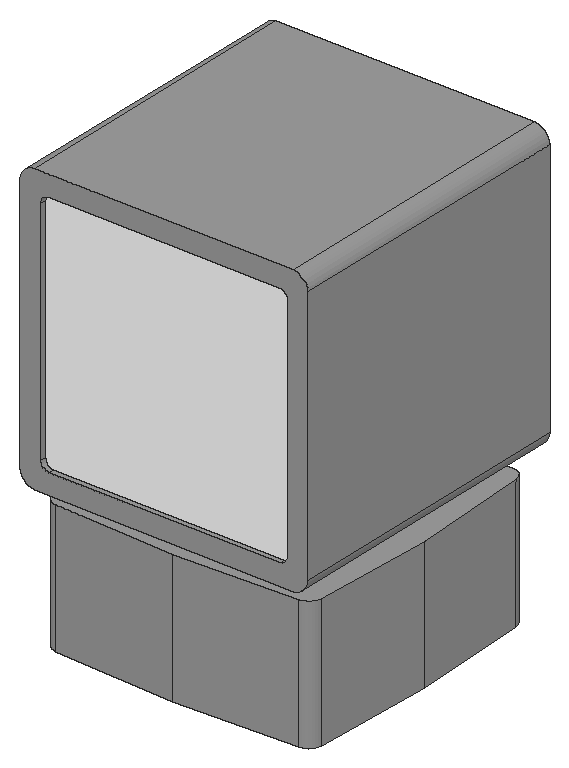
Revit family "3080029 Feilo Sylvania Lighting Fixtures INVERTO DIRECT NW 1-10V BLACK", category Lighting Fixtures, host Face, Revit 2017
Family settings
  Host = Face
  Round Connector Dimension = Use Diameter
  Part Type = Normal
  Cut with Voids When Loaded = No
  Light Source = Yes
  Shared = No
  Room Calculation Point = No
Parameters (values of type "3080029 INVERTO DIRECT NW 1-10V BLACK")
  Weight = "1.461 kg"
  Wattage Comments = "n/a"
  Wattage = 16 W
  WarrantyStartDate [instance] = "n/a"
  WarrantyGuarantorParts = "n/a"
  WarrantyDurationUnit = "n/a"
  WarrantyDurationParts = "n/a"
  WarrantyDescription = "n/a"
  built-in parameter 1150110 = 1 (stored number, unit not read)
  Voltage = 230 V
  URL = "http://www.sylvania-lighting.com"
  TypeName = "INVERTO DIRECT NW 1-10V BLACK"
  Type Image = <None>
  Type Comments = "n/a"
  built-in parameter 1114217 = 1 (stored number, unit not read)
  Tilt Angle = -90.00°
  built-in parameter 1150109 = 1 (stored number, unit not read)
  built-in parameter 1150134 = 12
  built-in parameter 1150113 = 1 (stored number, unit not read)
  SerialNumber [instance] = "n/a"
  PowerFactor = 0
  PowerConsumption = "16 W"
  Photometric Web File = "3080029.ies"
  NominalLength = 162 mm
  NominalHeight = 110 mm
  NominalDepth = 110 mm
  Name = "INVERTO DIRECT NW 1-10V BLACK"
  ModelReference = "INVERTO DIRECT NW 1-10V BLACK"
  ModelNumber = "3080029"
  Model = "INVERTO DIRECT NW 1-10V BLACK"
  Material = "aluminium housing, glass diffuser"
  ManufacturerName = "Feilo Sylvania"
  Manufacturer = "Feilo Sylvania"
  LuminousEfficacy = "102 lm/W"
  built-in parameter 1150105 = 129.87 (stored number, unit not read)
  Lumens = 1632 lm
  LuminaireType = ""
  built-in parameter 1150115 = 1 (stored number, unit not read)
  LightOutputRatio = "100"
  built-in parameter 1150137 = (empty or 0)
  built-in parameter 1150139 = (empty or 0)
  LampsType = Lamp  # "LED"
  LampNominalLuminous = "1617 / 2045 lm"
  LampMacAdamStep = "n/a"
  LampColourTemperature = "4000 K"
  LampColourRenderingIndex = "80"
  built-in parameter 1150112 = 1 (stored number, unit not read)
  built-in parameter 1150114 = 1 (stored number, unit not read)
  Lamp = "LED"
  Keynote = "16500"
  InstallationDate [instance] = "n/a"
  InputVoltage = "220-240V~"
  InputNominalFrequency = "50/60 Hz"
  built-in parameter 1150132 = 2
  built-in parameter 1150102 = (empty or 0)
  built-in parameter 1150107 = 4000 (stored number, unit not read)
  built-in parameter 1150138 = (empty or 0)
  IngressProtection = "IP65"
  ImpactProtectionIndex = "IK07"
  built-in parameter 1150106 = 1.2987 (stored number, unit not read)
  IfcExportType = "IfcLightFixtureType"
  IfcExportAs = "IfcLightFixtureType"
  Housing material = Default
  ExpectedLife = 50000
  Emit from Rectangle Width = 90 mm
  Emit from Rectangle Length = 90 mm
  Emit Shape Visible in Rendering = no
  ElectricShockClassification = "Class I"
  built-in parameter 1150104 = 9.4761 (stored number, unit not read)
  DurationUnit = "hours"
  DocumentationLiterature = "http://www.sylvania-lighting.com/product/en-int/products/3080029"
  DimmingControlOptions = "Dimmable"
  Dimming Lamp Color Temperature Shift = <None>
  Description = "Surface Wall mounted luminaire, wire to base with pluggable connection for easy installation,  suitable for looping, switchable driver, black coloured aluminium housing, 1,617lm or 2,045lm, 16W or 19W, 102lm/W or 107lm/W, 4000K, 350mA or 450mA , CRI:80,  40° beam Angle, 1-10V dimmable, IP65, IK02, 50,000hrs (L70),  23.00x19.4x11.5mm."
  Default Elevation = 1219.2 mm
  CreatedOn = "17/11/2017"
  CreatedBy = ""
  Cost = 0
  Color Filter = 16777215
  built-in parameter 1114216 [instance] = (empty or 0)
  Calculate Coefficient of Utilization = no
  BarCode [instance] = "n/a"
  built-in parameter 1114218 = 1 (stored number, unit not read)
  built-in parameter 1150133 = 10 (stored number, unit not read)
  AssetType = "Fixed"
  AssetIdentifier [instance] = "n/a"
  Assembly Code = "D5020200"
  Apparent Load = 16 VA
Reference planes
  plane 1 "Center (Front/Back)": y = 0
  plane 2: z = 0
  plane 3 "Center (Left/Right)": x = 0
  plane 4: x = 51
  plane 5: x = -51
  plane 6: y = -51
  plane 7: y = 51
  plane 8: x = -55
  plane 9: x = 55
  plane 10: y = 55
  plane 11: y = -55
  plane 12: z = 48
  plane 13: z = 162
  plane 14: z = 52
  plane 15: y = -40
  plane 16: y = 40
  plane 17: x = -40
  plane 18: x = 40
  plane 19: z = 62
  plane 20: z = 152
  plane 21: x = -45
  plane 22: x = 45
  plane 23: y = 48.5
  plane 24: x = -48.5
  plane 25: x = 48.5
  plane 26: y = -48.5
  plane 27: z = 107
  plane 28: z = 159
  plane 29: x = -52
  plane 30: z = 55
  plane 31: x = 52
Forms (mm)
  Extrusion 1, solid, material "Default", detail levels medium+fine
    sketch origin (0, 0, 0) x (0, 1, 0) y (0, 0, 1)
      loop
        line (-51, 48) -> (-51, 0) -> (51, 0) -> (51, 48) -> (-51, 48)
    from -51 to 51
  Extrusion 2, solid, material "Default", detail levels medium+fine
    sketch origin (0, 0, 0) x (0, 1, 0) y (0, 0, 1)
      loop
        line (-40, 48) -> (40, 48) -> (40, 55) -> (-40, 55) -> (-40, 48)
    from -40 to 40
  Extrusion 3, void, detail levels medium+fine
    sketch origin (0, 0, 0) x (1, 0, 0) y (0, 1, 0)
      loop
        arc (-44.399, 48.906) -> (-22.224, 50.476) -> (0, 51) r 471.7
        line (0, 51) -> (-51, 51) -> (-51, 0)
        arc (-51, 0) -> (-50.476, 22.224) -> (-48.906, 44.399) r 471.7
        arc (-48.906, 44.399) -> (-47.464, 47.464) -> (-44.399, 48.906) r 5
    from 0 to 48
  Extrusion 4, void, detail levels medium+fine
    sketch origin (0, 0, 0) x (-1, 0, 0) y (0, -1, 0)
      loop
        arc (-44.399, -48.906) -> (-47.464, -47.464) -> (-48.906, -44.399) r 5
        arc (-48.906, -44.399) -> (-50.476, -22.224) -> (-51, 0) r 471.7
        line (-51, 0) -> (-51, -51) -> (0, -51)
        arc (0, -51) -> (-22.224, -50.476) -> (-44.399, -48.906) r 471.7
    from 0 to 48
  Extrusion 5, void, detail levels medium+fine
    sketch origin (0, 0, 0) x (1, 0, 0) y (0, 1, 0)
      loop
        arc (-44.399, -48.906) -> (-47.464, -47.464) -> (-48.906, -44.399) r 5
        arc (-48.906, -44.399) -> (-50.476, -22.224) -> (-51, 0) r 471.7
        line (-51, 0) -> (-51, -51) -> (0, -51)
        arc (0, -51) -> (-22.224, -50.476) -> (-44.399, -48.906) r 471.7
    from 0 to 48
  Extrusion 6, void, detail levels medium+fine
    sketch origin (0, 0, 0) x (-1, 0, 0) y (0, -1, 0)
      loop
        arc (-44.399, 48.906) -> (-22.224, 50.476) -> (0, 51) r 471.7
        line (0, 51) -> (-51, 51) -> (-51, 0)
        arc (-51, 0) -> (-50.476, 22.224) -> (-48.906, 44.399) r 471.7
        arc (-48.906, 44.399) -> (-47.464, 47.464) -> (-44.399, 48.906) r 5
    from 0 to 48
  Extrusion 7, solid, material "Default", detail levels medium+fine
    sketch origin (0, 0, 0) x (1, 0, 0) y (0, 0, 1)
      loop
        arc (-47.19, 159.531) -> (-50.806, 157.806) -> (-52.531, 154.19) r 6
        arc (-52.531, 154.19) -> (-55, 107) -> (-52.531, 59.81) r 452.167
        arc (-52.531, 59.81) -> (-50.806, 56.194) -> (-47.19, 54.469) r 6
        arc (-47.19, 54.469) -> (0, 52) -> (47.19, 54.469) r 452.167
        arc (47.19, 54.469) -> (50.806, 56.194) -> (52.531, 59.81) r 6
        arc (52.531, 59.81) -> (55, 107) -> (52.531, 154.19) r 452.167
        arc (52.531, 154.19) -> (50.806, 157.806) -> (47.19, 159.531) r 6
        arc (47.19, 159.531) -> (0, 162) -> (-47.19, 159.531) r 452.167
    from -55 to 55
  Extrusion 8, solid, material "Default" <- "Housing material", detail levels coarse
    sketch origin (0, 0, 0) x (1, 0, 0) y (0, 0, 1)
      loop
        line (-55, 162) -> (-55, 52) -> (55, 52) -> (55, 162) -> (-55, 162)
    from -55 to 55
  Extrusion 9, void
    sketch origin (1524, -55, 1219.2) x (-1, 0, 0) y (0, 0, 1)
      loop
        line (1566, -1067.2) -> (1482, -1067.2)
        arc (1482, -1067.2) -> (1479.879, -1068.079) -> (1479, -1070.2) r 3
        line (1479, -1070.2) -> (1479, -1154.2)
        arc (1479, -1154.2) -> (1479.879, -1156.321) -> (1482, -1157.2) r 3
        line (1482, -1157.2) -> (1566, -1157.2)
        arc (1566, -1157.2) -> (1568.121, -1156.321) -> (1569, -1154.2) r 3
        line (1569, -1154.2) -> (1569, -1070.2)
        arc (1569, -1070.2) -> (1568.121, -1068.079) -> (1566, -1067.2) r 3
    from 0 to 4
  Extrusion 10, solid, material "Diffuser-Sylvania-Glow"
    sketch origin (1524, -51, 1219.2) x (1, 0, 0) y (0, 0, 1)
      loop
        line (-1566, -1157.2) -> (-1482, -1157.2)
        arc (-1482, -1157.2) -> (-1479.879, -1156.321) -> (-1479, -1154.2) r 3
        line (-1479, -1154.2) -> (-1479, -1070.2)
        arc (-1479, -1070.2) -> (-1479.879, -1068.079) -> (-1482, -1067.2) r 3
        line (-1482, -1067.2) -> (-1566, -1067.2)
        arc (-1566, -1067.2) -> (-1568.121, -1068.079) -> (-1569, -1070.2) r 3
        line (-1569, -1070.2) -> (-1569, -1154.2)
        arc (-1569, -1154.2) -> (-1568.121, -1156.321) -> (-1566, -1157.2) r 3
    from 0 to 2
  Extrusion 11, solid, material "Default" <- "Housing material", detail levels coarse
    sketch origin (0, 0, 0) x (1, 0, 0) y (0, 1, 0)
      loop
        line (-51, 51) -> (-51, -51) -> (51, -51) -> (51, 51) -> (-51, 51)
    from 0 to 48
Cuts and joins
  Extrusion 3, Extrusion 4, Extrusion 5, Extrusion 6 cuts Extrusion 1
  Extrusion 9 cuts Extrusion 2
  Extrusion 9 cuts Extrusion 7
  joined: Extrusion 2, Extrusion 7
  Extrusion 9 cuts Extrusion 8
Dimensions and locks
  equal spacing: plane 5, plane 3 "Center (Left/Right)", plane 4
  locked: plane 5 to plane 4 at 102
  equal spacing: plane 6, plane 1 "Center (Front/Back)", plane 7
  locked: plane 6 to plane 7 at 102
  equal spacing: plane 11, plane 1 "Center (Front/Back)", plane 10
  locked: plane 11 to plane 10 at 110
  equal spacing: plane 8, plane 3 "Center (Left/Right)", plane 9
  locked: plane 8 to plane 9 at 110
  locked: plane 12 to plane 2 at 48
  locked: plane 12 to plane 14 at 4
  locked: plane 13 to plane 2 at 162
  equal spacing: plane 15, plane 1 "Center (Front/Back)", plane 16
  locked: plane 15 to plane 16 at 80
  equal spacing: plane 17, plane 3 "Center (Left/Right)", plane 18
  locked: plane 17 to plane 18 at 80
  locked: plane 19 to plane 14 at 10
  locked: plane 13 to plane 20 at 10
  locked: plane 21 to plane 8 at 10
  locked: plane 9 to plane 22 at 10
  plane 19 to plane 14 = 10 mm
  locked: plane 27 to plane 2 at 107
  locked: plane 29 to plane 8 at 3
  locked: plane 13 to plane 28 at 3
  locked: plane 9 to plane 31 at 3
  locked: plane 30 to plane 14 at 3
  aligned and locked: plane 2 to host face
  aligned and locked: level to host face
  aligned and locked: plane 12 to Extrusion 1 sketch curve
  aligned and locked: Extrusion 1 sketch curve to plane 6
  aligned and locked: level to Extrusion 1 sketch curve
  aligned and locked: plane 7 to Extrusion 1 sketch curve
  aligned and locked: plane 4 to Extrusion 1
  aligned and locked: Extrusion 1 to plane 5
  aligned and locked: plane 12 to Extrusion 2 sketch curve
  aligned and locked: plane 15 to Extrusion 2 sketch curve
  aligned and locked: Extrusion 2 sketch curve to plane 16
  aligned and locked: Extrusion 3 sketch curve to Extrusion 1
  aligned and locked: Extrusion 3 to level
  aligned and locked: Extrusion 3 to plane 12
  aligned and locked: Extrusion 7 to plane 10
  aligned and locked: plane 11 to Extrusion 7
  aligned and locked: Extrusion 2 to plane 30
  aligned and locked: plane 13 to Extrusion 8 sketch curve
  aligned and locked: Extrusion 8 sketch curve to plane 14
  aligned and locked: Extrusion 8 sketch curve to plane 9
  aligned and locked: plane 11 to Extrusion 8
  aligned and locked: Extrusion 8 to plane 10
  aligned and locked: Extrusion 9 sketch curve to plane 20
  aligned and locked: plane 19 to Extrusion 9 sketch curve
  aligned and locked: plane 11 to Extrusion 9
  aligned and locked: Extrusion 9 to plane 6
  aligned and locked: Extrusion 10 to plane 6
  aligned and locked: plane 22 to Extrusion 9 sketch curve
  aligned and locked: Extrusion 9 sketch curve to plane 21
  aligned and locked: plane 21 to Extrusion 10 sketch curve
  aligned and locked: Extrusion 10 sketch curve to plane 22
  aligned and locked: plane 7 to Extrusion 11 sketch curve
  aligned and locked: plane 5 to Extrusion 11 sketch curve
  aligned and locked: Extrusion 11 sketch curve to plane 6
  aligned and locked: Extrusion 11 sketch curve to plane 4
  aligned and locked: Extrusion 11 to level
  aligned and locked: Extrusion 11 to plane 12
  aligned and locked: imposter light to Extrusion 10
  aligned and locked: imposter light to plane 27
Automatic sketch dimensions
  host sketch curve to host sketch curve = 2438.4 mm  (x2)
  Extrusion 3 sketch curve to plane 3 "Center (Left/Right)" = 0 mm
  plane 1 "Center (Front/Back)" to Extrusion 3 sketch curve = 0 mm
  plane 7 to Extrusion 3 sketch curve = 0 mm
  plane 21 to Extrusion 3 sketch curve = 1.072 mm
  plane 9 to Extrusion 3 sketch curve = 365.7 mm
  plane 11 to Extrusion 3 sketch curve = 365.7 mm
  Extrusion 3 sketch curve to plane 16 = 3.928 mm
  Extrusion 3 sketch curve to Extrusion 3 sketch curve = 0 mm
  plane 1 "Center (Front/Back)" to Extrusion 4 sketch curve = 0 mm
  Extrusion 4 sketch curve to plane 4 = 0 mm
  Extrusion 4 sketch curve to plane 3 "Center (Left/Right)" = 0 mm
  plane 7 to Extrusion 4 sketch curve = 0 mm
  plane 22 to Extrusion 4 sketch curve = 1.072 mm
  plane 8 to Extrusion 4 sketch curve = 365.7 mm
  Extrusion 4 sketch curve to plane 11 = 365.7 mm
  plane 16 to Extrusion 4 sketch curve = 3.928 mm
  Extrusion 4 sketch curve to Extrusion 4 sketch curve = 0 mm
  plane 1 "Center (Front/Back)" to Extrusion 5 sketch curve = 0 mm
  Extrusion 5 sketch curve to plane 5 = 0 mm
  Extrusion 5 sketch curve to plane 3 "Center (Left/Right)" = 0 mm
  plane 6 to Extrusion 5 sketch curve = 0 mm
  Extrusion 5 sketch curve to plane 21 = 1.072 mm
  Extrusion 5 sketch curve to plane 9 = 365.7 mm
  plane 10 to Extrusion 5 sketch curve = 365.7 mm
  Extrusion 5 sketch curve to plane 15 = 3.928 mm
  Extrusion 5 sketch curve to Extrusion 5 sketch curve = 0 mm
  plane 1 "Center (Front/Back)" to Extrusion 6 sketch curve = 0 mm
  Extrusion 6 sketch curve to plane 4 = 0 mm
  Extrusion 6 sketch curve to plane 3 "Center (Left/Right)" = 0 mm
  plane 6 to Extrusion 6 sketch curve = 0 mm
  Extrusion 6 sketch curve to plane 22 = 1.072 mm
  Extrusion 6 sketch curve to plane 8 = 365.7 mm
  Extrusion 6 sketch curve to plane 10 = 365.7 mm
  plane 15 to Extrusion 6 sketch curve = 3.928 mm
  Extrusion 6 sketch curve to Extrusion 6 sketch curve = 0 mm
  Extrusion 7 sketch curve to plane 27 = 0 mm  (x2)
  Extrusion 7 sketch curve to plane 3 "Center (Left/Right)" = 0 mm  (x2)
  Extrusion 7 sketch curve to plane 8 = 342.167 mm
  Extrusion 7 sketch curve to plane 21 = 1.564 mm
  Extrusion 7 sketch curve to plane 17 = 6.564 mm
  plane 18 to Extrusion 7 sketch curve = 6.564 mm  (x2)
  plane 9 to Extrusion 7 sketch curve = 342.167 mm
  plane 19 to Extrusion 7 sketch curve = 1.564 mm  (x2)
  Extrusion 7 sketch curve to level = 290.167 mm
  Extrusion 7 sketch curve to plane 20 = 1.564 mm  (x2)
  Extrusion 7 sketch curve to plane 13 = 342.167 mm
  Extrusion 7 sketch curve to Extrusion 7 sketch curve = 0 mm  (x7)
  Extrusion 7 sketch curve to plane 29 = 0.531 mm
  Extrusion 2 sketch curve to plane 14 = 3 mm
  Extrusion 8 sketch curve to plane 8 = 0 mm
  plane 18 to Extrusion 9 sketch curve = 2 mm  (x2)
  Extrusion 9 sketch curve to plane 17 = 2 mm  (x2)
  Extrusion 10 sketch curve to plane 19 = 0 mm
  Extrusion 10 sketch curve to plane 20 = 0 mm
  Extrusion 10 sketch curve to plane 17 = 2 mm  (x2)
  plane 18 to Extrusion 10 sketch curve = 2 mm  (x2)
Connectors
  electrical at (0, 0, 0), driven by "Apparent Load"
    settings: index 1, voltage 230 V, apparent load 16 VA, apparent load phase1 0 VA, apparent load phase2 0 VA, apparent load phase3 0 VA, power factor 0, load classification "Lighting", number of poles 1, system type 30, power factor state 1, is connector primary yes, connector utility no, sub classification motor no, connector description ""
